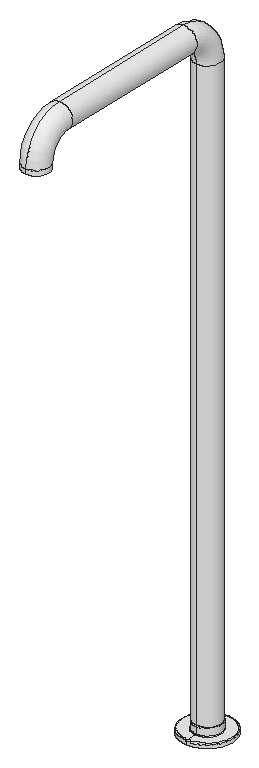
Revit family "Tub_Spout-Freestanding-Waterworks-Flyte", category Plumbing Fixtures, host Face, Revit 2014
Parameters (values of type "Chrome")
  ‌Installation Requirements or Notes = "Unrestricted flow of approximately 12 gallons per minute (gpm)"  # constant formula
  Waste Connection = 1 = 0  # no
  Warranty = "http://www.waterworks.com/warranty"
  Version = "2014 - v1.0a"  # constant formula
  Vent Connection = 1 = 0  # no
  Support Phone = "(224) 699-9545"  # constant formula
  Support Email = "mailto:support@anguleris.com"
  Model SKU = if(Constraint = 1, "09-24456-57112", if(Constraint = 2, "09-46008-61763", if(Constraint = 3, "09-40319-72897", if(Constraint = 4, "09-36098-26246", "Not Available"))))  # "09-24456-57112"
  Manufacturer Email = "mailto:acallanan@waterworks.com"
  Length = 0' - 3 9/16"  # constant formula
  Keynote = "22 40 00"
  Inlet Connection Diameter = 0' - 0 3/4"  # constant formula
  Hot Limit Safety Stop = 1 = 0  # no
  Height = 2' - 6 3/8"  # constant formula
  HW Connection = 1 = 1  # yes
  WFU = 0
  URL = "http://www.waterworks.com/"
  Product Page URL = "http://www.waterworks.com/flyte-freestanding-tub-spout-flts90"
  Product Name = if(Constraint = 1, "Flyte Floor Mounted Tub Spout in Chrome", if(Constraint = 2, "Flyte Floor Mounted Tub Spout in Graphite", if(Constraint = 3, "Flyte Floor Mounted Tub Spout in Nickel", if(Constraint = 4, "Flyte Floor Mounted Tub Spout in Unlacquered Brass", "Not Available"))))  # "Flyte Floor Mounted Tub Spout in Chrome"
  Product Documentation Link = "http://assets.waterworks.com/wasset/38/original/35838.pdf"
  Pressure = 45.00 psi
  Model = "FLTS90"  # constant formula
  Material = ""
  Manufacturer Phone Number = "(203)546-6201"  # constant formula
  Manufacturer Address = "60 Backus Avenue, Danbury, CT 06810"  # constant formula
  Manufacturer = "Waterworks"  # constant formula
  HWFU = 0
  Fittings Hole Diameter = 0' - 1 1/4"  # constant formula
  Finish = Metal - Waterworks - Chrome
  Diameter of Legs/Tubes = 0' - 1 3/16"  # constant formula
  Description = if(Constraint = 1, "Flyte Floor Mounted Tub Spout in Chrome", if(Constraint = 2, "Flyte Floor Mounted Tub Spout in Graphite", if(Constraint = 3, "Flyte Floor Mounted Tub Spout in Nickel", if(Constraint = 4, "Flyte Floor Mounted Tub Spout in Unlacquered Brass", "Not Available"))))  # "Flyte Floor Mounted Tub Spout in Chrome"
  Spout Reach = 0' - 10 1/16"  # constant formula
  Depth = 1' - 0 3/8"  # constant formula
  Default Elevation = 2' - 10"
  Copyright = "@2017 Waterworks Operating Company LLC. All rights reserved"  # constant formula
  Constraint = 1
  Water Connector = "Inlet - Copper Sweat"  # constant formula
  Code Compliance = "Code # FLTS90:"  # constant formula
  Certification cUPC = 1 = 1  # yes
  Certification State of MA = 1 = 1  # yes
  Certification IAPMO = 1 = 1  # yes
  CWFU = 0
  CW Connection = 1 = 1  # yes
  Assembly Code = "D2010"
  Anti-scald Protection = 1 = 0  # no
  ADA Compliant = 1 = 1  # yes
Types (4): name | Model SKU | Product Name | Finish | Description | Constraint
  Chrome | "09-24456-57112" | "Flyte Floor Mounted Tub Spout in Chrome" | Metal - Waterworks - Chrome | "Flyte Floor Mounted Tub Spout in Chrome" | 1
  Graphite | "09-46008-61763" | "Flyte Floor Mounted Tub Spout in Graphite" | Metal - Waterworks - Graphite | "Flyte Floor Mounted Tub Spout in Graphite" | 2
  Nickel | "09-40319-72897" | "Flyte Floor Mounted Tub Spout in Nickel" | Metal - Waterworks - Nickel | "Flyte Floor Mounted Tub Spout in Nickel" | 3
  Unlacquered Brass | "09-36098-26246" | "Flyte Floor Mounted Tub Spout in Unlacquered Brass" | Metal - Waterworks - Unlacquered Brass | "Flyte Floor Mounted Tub Spout in Unlacquered Brass" | 4
Reference planes (in)
  plane 1 "Center (Front/Back)": y = 0
  plane 2 "Bottom": z = 0
  plane 3 "Center (Left/Right)": x = 0
  plane 4 "Left": x = -1.1875
  plane 5 "Right": x = 1.1875
  plane 6 "Front": y = -10.65625
  plane 7 "Top": z = 30.375
  plane 8 "Back": y = 1.1875
  plane 9: y = 0.59375
  plane 10: z = 28.1875
Forms (in)
  Revolve 1, solid, material "Metal - Waterworks - Chrome" <- "Finish"
    sketch origin (0, 0, 0) x (0, 1, 0) y (0, 0, 1)
      loop
        line (0, 0) -> (1.1875, 0) -> (1.1875, 0.15625)
        arc (1.1875, 0.15625) -> (1.17835, 0.17835) -> (1.15625, 0.1875) r 0.03125
        line (1.15625, 0.1875) -> (0.65625, 0.1875)
        arc (0.65625, 0.1875) -> (0.63415, 0.19665) -> (0.625, 0.21875) r 0.03125
        line (0.625, 0.21875) -> (0.625, 0.53125)
        arc (0.625, 0.53125) -> (0.61585, 0.55335) -> (0.59375, 0.5625) r 0.03125
        line (0.59375, 0.5625) -> (0.59375, 0.53125) -> (0, 0.53125) -> (0, 0)
      axis (0, 0.5625) -> (0, 0)
    angle from 0 to 360
  Sweep 2, solid, material "Metal - Waterworks - Chrome" <- "Finish"
    path origin (0, 0, 0) x (0, 1, 0) y (0, 0, 1)
      loop
        line (0, 0) -> (0, 28.40625)
        arc (0, 28.40625) -> (-0.40273, 29.37852) -> (-1.375, 29.78125) r 1.375
        line (-1.375, 29.78125) -> (-8.6875, 29.78125)
        arc (-8.6875, 29.78125) -> (-9.65977, 29.37852) -> (-10.0625, 28.40625) r 1.375
        line (-10.0625, 28.40625) -> (-10.0625, 28.1875)
    profile origin (0, 0, 14.20312) x (0, -1, 0) y (1, 0, 0)
      loop
        circle (0, 0) r 0.59375
Cuts and joins
  joined: Revolve 1, Sweep 2
Lines and regions (in)
  Split face 1
    outline origin (0, 0, 0) x (1, 0, 0) y (0, 1, 0)
      loop
        circle (0.5, 0) r 0.25
  Split face 2
    outline origin (0, 0, 0) x (1, 0, 0) y (0, 1, 0)
      loop
        circle (-0.5, 0) r 0.25
  Masking region 1
    outline origin (0, 0, 0) x (1, 0, 0) y (0, 1, 0)
      loop
        arc (0.59375, -1.02841) -> (0, 1.1875) -> (-0.59375, -1.02841) r 1.1875
        line (-0.59375, -1.02841) -> (-0.59375, -10.0625)
        arc (-0.59375, -10.0625) -> (0, -10.65625) -> (0.59375, -10.0625) r 0.59375
        line (0.59375, -10.0625) -> (0.59375, -1.02841)
  Split face 3
    outline origin (0, -10.0625, 28.1875) x (0, -1, 0) y (1, 0, 0)
      loop
        circle (0, 0) r 0.53125
  symbolic lines, style "PlumbingFixtures", detail levels medium+fine
    curve 1: line (-0.59375, 0, 0) -> (-0.59375, -1.02841, 0)
    curve 2: line (0.59375, 0, 0) -> (0.59375, -1.02841, 0)
    curve 3: arc (0.59375, 0, 0) -> (0, 0.59375, 0) -> (-0.59375, 0, 0) r 0.59375
  symbolic lines, style "PlumbingFixtures", detail levels fine
    curve 4: arc (0.59375, -0.19516, 0) -> (0, 0.625, 0) -> (-0.59375, -0.19516, 0) r 0.625
Dimensions and locks (in)
  equal spacing: plane 4 "Left", plane 3 "Center (Left/Right)", plane 5 "Right"
  locked: plane 4 "Left" to plane 5 "Right" at 2.375
  plane 8 "Back" to Revolve 1 sketch curve to Revolve 1 sketch curve to Revolve 1 sketch curve to Revolve 1 sketch curve to Revolve 1 sketch curve = 0' - 0 1/32" locked, 0' - 0 1/2" locked, 0' - 0 1/32" locked, 0' - 0 1/32" locked, 0' - 0" locked
  Revolve 1 sketch curve to Revolve 1 sketch curve to Revolve 1 sketch curve to Revolve 1 sketch curve to Revolve 1 sketch curve to plane 2 "Bottom" = 0' - 0" locked, 0' - 0 5/16" locked, 0' - 0 1/32" locked, 0' - 0 1/32" locked, 0' - 0 5/32" locked
  plane 6 "Front" to plane 1 "Center (Front/Back)" to plane 8 "Back" = 0' - 10 21/32" locked, 0' - 1 3/16" locked
  "Height": plane 7 "Top" to plane 2 "Bottom"
  plane 3 "Center (Left/Right)" to Split face 1 sketch curve to Split face 1 sketch curve = 0' - 0 1/2" locked, 0' - 0 1/4" locked
  Split face 2 sketch curve to Split face 2 sketch curve to plane 3 "Center (Left/Right)" = 0' - 0 1/4" locked, 0' - 0 1/2" locked
  locked: plane 1 "Center (Front/Back)" to plane 9 at 0.59375
  locked: plane 10 to plane 2 "Bottom" at 28.1875
  Sweep 2 sketch curve to Sweep 2 sketch curve to plane 6 "Front" = 0' - 1 3/8" locked, 0' - 0 19/32" locked
  locked: plane 1 "Center (Front/Back)" to Sweep 2 sketch curve at 1.375
  plane 7 "Top" to Sweep 2 sketch curve to Sweep 2 sketch curve to Sweep 2 sketch curve = 0' - 0 19/32" locked, 0' - 1 3/8" locked, 0' - 0" locked
  plane 6 "Front" to Masking region 1 sketch curve to Masking region 1 sketch curve = 0' - 0" locked, 0' - 0 19/32" locked
  plane 6 "Front" to Split face 3 sketch curve to Split face 3 sketch curve = 0' - 0 1/16" locked, 0' - 0 17/32" locked
  aligned and locked: host face to plane 2 "Bottom"
  aligned and locked: level to host face
  aligned and locked: Revolve 1 sketch curve to plane 1 "Center (Front/Back)"
  aligned and locked: plane 2 "Bottom" to Revolve 1 sketch curve
  aligned and locked: plane 1 "Center (Front/Back)" to Revolve 1 sketch curve
  aligned and locked: Revolve 1 sketch curve to plane 8 "Back"
  aligned and locked: plane 1 "Center (Front/Back)" to Sweep 2 sketch curve
  aligned and locked: plane 2 "Bottom" to Sweep 2 sketch curve
  aligned and locked: Sweep 2 sketch curve to Revolve 1  (x2)
  aligned and locked: plane 1 "Center (Front/Back)" to Split face 1 sketch curve
  aligned and locked: plane 1 "Center (Front/Back)" to Split face 2 sketch curve
  aligned and locked: plane 10 to Sweep 2 sketch curve
  aligned and locked: Masking region 1 sketch curve to cut or joined group of Revolve 1, Sweep 2  (x2)
  aligned and locked: plane 3 "Center (Left/Right)" to Masking region 1 sketch curve
  aligned and locked: curve 3 to cut or joined group of Revolve 1, Sweep 2  (x2)
  aligned and locked: plane 3 "Center (Left/Right)" to Split face 3 sketch curve
Automatic sketch dimensions
  host sketch curve to host sketch curve = 6' - 0"  (x2)
  Revolve 1 sketch curve to Revolve 1 sketch curve = 1' - 0"
  plane 7 "Top" to Revolve 1 sketch curve = 1' - 0"
  curve 3 to curve 4 = 0' - 0"  (x2)
  curve 4 to curve 3 = 0' - 0.19516"
  curve 2 to curve 4 = 0' - 0.83325"
  curve 1 to curve 4 = 0' - 0.83325"
Connectors (in)
  piping at (0, 0, 0), diameter 0.75, driven by "Inlet Connection Diameter", driven by "Water Connector"
    settings: on Sweep 2, index 1, connector inside diameter 24", connector length 0' - 0", flow factor 0, pipe flow 12 GPM, pressure drop 0.00 psi, fitting loss kfactor 0, connector angle 0.00°, fixture units 0, engagement length 0' - 0", angle of deflection 0.00°, flow configuration 0, flow direction 1, fitting loss method 0, system type 19, joint type 0, gender type 0, connector reference index -1, connector utility 0, adjustable connector no, is connector primary yes, connector description "Inlet - Copper Sweat"
